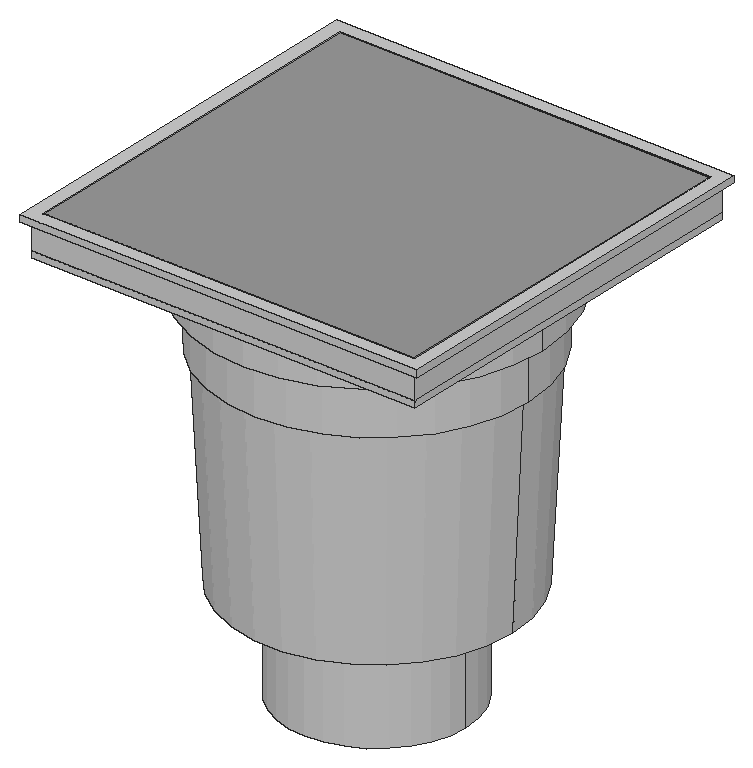
Revit family "HL_Дворовый трап серии Perfekt_HL606SW", category Instalační zařizovací předměty, Revit 2016
Family settings
  Typ součásti = Normální
  Kóta kulaté spojky = Použít průměr
  Číslo OmniClass = 23.70.50.21.24.14
  Nadpis OmniClass = Deck Waste Water Drains
  Založené na pracovní rovině = Ne
  Vždy vertikální = Ano
  Ořezat dutým tvarem při načtení = Ne
  Sdílené = Ne
  Bod výpočtu místnosti = Ano
Parameters (values of type "HL_Дворовый трап серии Perfekt_HL606SW_1")
  РЕШЁТКА = "Edelstahl 226 x 226 mm"
  РАЗМЕР = "DN110"
  ПРОПУСКНАЯ СПОСОБНОСТЬ [instance] = 0.0 L/s
  ПРОИЗВОДИТЕЛЬНОСТЬ = "2,1 l/s"
  ПРАВОВАЯ ИНФОРМАЦИЯ = "\"Авторские права(©), права на дизайн или какие либо другие права интелектуальной собственности являются исключительной собственностью компании HL Hutterer & Lechner. Изменению не подлежит. Файл семейства с данными о прозводителе изделия защищен паролем с водяным знаком.\""
  НОМИНАЛЬНЫЙ ДИАМЕТР = 110 mm
  НАСАДКА = "244 x 244 mm"
  МАТЕРИАЛ = "PP"
  МАКСИМАЛЬНАЯ НАГРУЗКА КЛАССА = "L - 1,5 t"
  ВЫСОТА МОНТАЖА = "213 mm"
  ВЕС = "2,755 kg"
  Výrobce = "HL Hutterer & Lechner GmbH"
  URL = "http://www.hutterer-lechner.com/ru/products/catalog/roof-drains/HL606SW/1.aspx"
  Материал плитка [instance] = none
  Připojení ventilace = no
  Připojení odpadu = yes
  Připojení HW = no
  Připojení CW = no
  Popis = "Дворовый трап серии Perfekt DN110 вертикальный"
  Model = "HL606SW/1"
  Assembly Code = " "
  Komentáře k typům = "Дворовый трап серии Perfekt DN110 вертикальный 244х244мм ПП/226х226мм нержавеющая сталь с водяным затвором."
  Keynote = "HL606SW/1"
  IH [instance] = Высота монтажа 1 + Высота монтажа 2  # 0 mm
  Высота монтажа 2 [instance] = 0 mm
  Высота монтажа 1 [instance] = 0 mm
  G [instance] = 180.00°  # constant formula
  EAN = "9003076011216"
  D [instance] = IH + 174 mm  # 174 mm
  C [instance] = if(IH - 68 mm < 0 mm, 0 mm, IH - 68 mm)  # 0 mm
  B [instance] = 100 mm
  A [instance] = if(B - 100 mm > 15 mm, B - 100 mm, 15 mm)  # 15 mm
Types (3, lengths in mm): name | РАЗМЕР | НОМИНАЛЬНЫЙ ДИАМЕТР | ВЕС | URL | Popis | Model | Komentáře k typům | Keynote | EAN
  (no name) | "DN110" | 110 | "2,755 kg" | "http://www.hutterer-lechner.com/ru/products/catalog/roof-drains/HL606SW/1.aspx" | "Дворовый трап серии Perfekt DN110 вертикальный" | "HL606SW/1" | "Дворовый трап серии Perfekt DN110 вертикальный 244х244мм ПП/226х226мм нержавеющая сталь с водяным затвором." | "HL606SW/1" | "9003076011216"
  HL_Дворовый трап серии Perfekt_HL606SW_1 | "DN110" | 110 | "2,755 kg" | "http://www.hutterer-lechner.com/ru/products/catalog/roof-drains/HL606SW/1.aspx" | "Дворовый трап серии Perfekt DN110 вертикальный" | "HL606SW/1" | "Дворовый трап серии Perfekt DN110 вертикальный 244х244мм ПП/226х226мм нержавеющая сталь с водяным затвором." | "HL606SW/1" | "9003076011216"
  HL_Дворовый трап серии Perfekt_HL606SW_5 | "DN160" | 160 | "2,761 kg" | "http://www.hutterer-lechner.com/ru/products/catalog/roof-drains/HL606SW/5.aspx" | "Дворовый трап серии Perfekt DN160 вертикальный" | "HL606SW/5" | "Дворовый трап серии Perfekt DN160 вертикальный 244х244мм ПП/226х226мм нержавеющая сталь с водяным затвором." | "HL606SW/5" | "9003076011230"
Reference planes
  plane 1 "Center (Front/Back)": y = 0
  plane 2: z = 0
  plane 3 "Center (Left/Right)": x = 0
  plane 4: z = -100
  plane 5: z = 0
  plane 6: z = 0
Lines and regions (mm)
  model lines, style "InvisibleLines"
    curve 1: line (0, 0, 0) -> (0, 0, 20)
  model lines, style "PlumbingFixtures", detail levels coarse+medium
    curve 2: line (0, 0, -100) -> (0, 0, -85)
    curve 3: line (0, 0, -85) -> (-85, 0, 0)
    curve 4: line (0, 0, -85) -> (85, 0, 0)
    curve 6: line (0, 0, -100) -> (0, 0, -274)
  reference lines, not visible
    curve 5: line (0, 0, -100) -> (0, 0, -274)
  symbolic lines, style "PlumbingFixtures", detail levels coarse+medium
    curve 7: line (-75, 75, 0) -> (75, 75, 0)
    curve 8: line (-75, -75, 0) -> (-75, 75, 0)
    curve 9: line (75, -75, 0) -> (-75, -75, 0)
    curve 10: line (75, 75, 0) -> (75, -75, 0)
    curve 11: line (-75, 75, 0) -> (-145.711, 145.711, 0)
    curve 12: line (75, 75, 0) -> (145.711, 145.711, 0)
    curve 13: line (-75, -75, 0) -> (-145.711, -145.711, 0)
    curve 14: line (75, -75, 0) -> (145.711, -145.711, 0)
  symbolic lines, style "PlumbingFixtures", not visible, detail levels coarse+medium
    curve 15: line (-75, 75, 0) -> (75, 75, 0)
    curve 16: line (-75, -75, 0) -> (-75, 75, 0)
    curve 17: line (75, -75, 0) -> (-75, -75, 0)
    curve 18: line (75, 75, 0) -> (75, -75, 0)
    curve 19: line (-75, 75, 0) -> (-145.711, 145.711, 0)
    curve 20: line (75, 75, 0) -> (145.711, 145.711, 0)
    curve 21: line (-75, -75, 0) -> (-145.711, -145.711, 0)
    curve 22: line (75, -75, 0) -> (145.711, -145.711, 0)
Text (mm)
  text "FLOOR" at (-162.344, 0, -10.979), in view "Слева"
Dimensions and locks
  "B": plane 2 to plane 4
  "IH": plane 2 to plane 5
  "A": curve 4 to plane 4
  "D": curve 5 to curve 5
  "D": curve 6 to curve 6
  "Высота монтажа 1": plane 2 to plane 6
  locked: curve 4 to plane 3 "Center (Left/Right)" (angle 45.00°)
  locked: plane 3 "Center (Left/Right)" to curve 3 (angle 45.00°)
  "G": angle curve 5 to plane 3 "Center (Left/Right)"
  aligned and locked: level to plane 2
  aligned and locked: plane 2 to curve 4
  aligned and locked: plane 2 to curve 3
  aligned and locked: plane 4 to curve 5
  aligned and locked: plane 3 "Center (Left/Right)" to curve 5
  aligned and locked: plane 4 to curve 2
  aligned and locked: plane 3 "Center (Left/Right)" to curve 6
  aligned and locked: plane 4 to curve 6
  aligned and locked: nested 1 to plane 3 "Center (Left/Right)"
  aligned and locked: plane 5 to nested 1
  aligned and locked: plane 3 "Center (Left/Right)" to nested 2
  aligned and locked: plane 2 to nested 2
  aligned and locked: plane 3 "Center (Left/Right)" to nested 3
  aligned and locked: nested 1 to nested 3
  aligned and locked: plane 3 "Center (Left/Right)" to nested 4
  aligned and locked: nested 1 to nested 4
Automatic sketch dimensions
  curve 2 to plane 3 "Center (Left/Right)" = 0 mm
  curve 1 to plane 3 "Center (Left/Right)" = 0 mm
  curve 1 to level = 0 mm
  curve 1 to curve 1 = 20 mm
Nested families
  nested 1: "HL-кровельные воронки - корпус-HL606K" at (0, 0, 0), type "HL-кровельные воронки - корпус-HL606K_1"
  nested 2: "HL-Решетка для сливного отверстия-HL0605.3E" at (0, 0, 0), type "HL-Решетка для сливного отверстия-HL0605.3E"
  nested 3: "HL-Песколовка-HL0606.2E" at (0, 0, -19.999), type "HL-Песколовка-HL0606.2E"
  nested 4: "HL-Вкладыш запахозапирающий-HL0605.2E" at (0, 0, -77), type "HL-Вкладыш запахозапирающий-HL0605.2E"
Connectors
  piping at (0, 0, -274), diameter 110, driven by "ПРОПУСКНАЯ СПОСОБНОСТЬ", driven by "НОМИНАЛЬНЫЙ ДИАМЕТР"
    settings: on curve 5, index 1, connector inside diameter 609.6 mm, connector length 0 mm, flow factor 0, pipe flow 0.0 L/s, pressure drop 0.0 Pa, fitting loss kfactor 0, connector angle 0.00°, fixture units 0, engagement length 0 mm, angle of deflection 0.00°, flow configuration 1, flow direction 2, fitting loss method 0, system type 16, joint type 0, gender type 0, connector reference index -1, connector utility 0, adjustable connector yes, is connector primary yes, connector description ""
Definition of nested family "HL-кровельные воронки - корпус-HL606K"
  Parameters
    РАЗМЕР = ""
    ПРАВОВАЯ ИНФОРМАЦИЯ = ""
    НОМИНАЛЬНЫЙ ДИАМЕТР = 110 mm
    НАСАДКА = ""
    МАТЕРИАЛ = ""
    ВЫСОТА МОНТАЖА = ""
    ВЕС = ""
    Height = 0 mm
    Manufacturer = ""
    URL = ""
    Description = ""
    ND = НОМИНАЛЬНЫЙ ДИАМЕТР / 2  # 55 mm
    Model = ""
    материал = none
    Type Comments = ""
    Keynote = ""
    EAN = ""
    Cost = 0
  Types (3, lengths in mm): name | РАЗМЕР | ПРАВОВАЯ ИНФОРМАЦИЯ | НАСАДКА | МАТЕРИАЛ | ВЫСОТА МОНТАЖА | ВЕС | Manufacturer | URL | Description | Model | Type Comments | Keynote | EAN
    (no name) | "" | "" | "" | "" | "" | "" | "" | "" | "" | "" | "" | "" | ""
    HL-кровельные воронки - корпус-HL606K_1 | "DN110" | "\"Авторские права(©), права на дизайн или какие либо другие права интелектуальной собственности являются исключительной собственностью компании HL Hutterer & Lechner. Изменению не подлежит. Файл семейства с данными о прозводителе изделия защищен паролем с водяным знаком.\"" | "244 x 244 mm" | "PP" | "212 mm" | "0,647 kg" | "HL Hutterer & Lechner GmbH" | "http://www.hutterer-lechner.com/ru/products/catalog/roof-drains/HL606K/1.aspx" | "Дворовый трап серии Perfekt DN110 вертикальный" | "HL606K/1" | "Корпус дворового трапа серии Perfekt DN110 вертикальный 244х244мм ПП" | "HL606K/1" | "9003076012763"
    HL-кровельные воронки - корпус-HL606K_5 | "DN160" | "\"Авторские права(©), права на дизайн или какие либо другие права интелектуальной собственности являются исключительной собственностью компании HL Hutterer & Lechner. Изменению не подлежит. Файл семейства с данными о прозводителе изделия защищен паролем с водяным знаком.\"" | "244 x 244 mm" | "PP" | "212 mm" | "0,668 kg" | "HL Hutterer & Lechner GmbH" | "http://www.hutterer-lechner.com/ru/products/catalog/roof-drains/HL606K/5.aspx" | "Дворовый трап серии Perfekt DN160 вертикальный" | "HL606K/5" | "Корпус дворового трапа серии Perfekt DN160 вертикальный 244х244мм ПП" | "HL606K/5" | "9003076012787"
  Reference planes
    plane 1 "Střed (vpředu/vzadu)": y = 0
    plane 2: z = 0
    plane 3 "Střed (vlevo/vpravo)": x = 0
    plane 4: z = -212
  Forms (mm)
    Revolve 1, solid, material <- "материал", detail levels fine
      sketch origin (0, 0, 0) x (1, 0, 0) y (0, 0, 1)
        loop
          line (0, -212) -> (83.62, -212) -> (90.477, -81.158) -> (93.491, -81.158) -> (93.491, -49.562) -> (102.242, -49.562) -> (102.242, -24) -> (98.5, -24) -> (98.5, -42) -> (89.75, -42) -> (89.75, -77) -> (85.685, -77) -> (79.688, -208) -> (0, -208) -> (0, -212)
        axis (0, -212) -> (0, -24)
      angle from 0 to 360
    Extrusion 2, solid, material <- "материал", detail levels fine
      sketch origin (0, 0, 0) x (1, 0, 0) y (0, 1, 0)
        loop
          line (118, -118) -> (118, 118) -> (-118, 118) -> (-118, -118) -> (118, -118)
        loop
          circle (0, 0) r 102.242
      from -24 to -20
    Extrusion 3, solid, material <- "материал", detail levels fine
      sketch origin (0, 0, -23) x (0, 1, 0) y (-1, 0, 0)
        loop
          line (118, 118) -> (-118, 118) -> (-118, -118) -> (118, -118) -> (118, 118)
        loop
          line (-114, -114) -> (114, -114) -> (114, 114) -> (-114, 114) -> (-114, -114)
      from 0 to 19
    Extrusion 4, solid, material <- "материал", detail levels fine
      sketch origin (0, 0, 0) x (1, 0, 0) y (0, 1, 0)
        loop
          line (-122, 122) -> (-122, -122) -> (122, -122) -> (122, 122) -> (-122, 122)
        loop
          line (114, -114) -> (114, 114) -> (-114, 114) -> (-114, -114) -> (114, -114)
      from -4 to 0
    Revolve 5, solid, material <- "материал", detail levels fine
      sketch origin (0, 0, 0) x (1, 0, 0) y (0, 0, 1)
        loop
          line (0, -274) -> (55, -274) -> (55, -212) -> (0, -212) -> (0, -274)
        axis (0, -212) -> (0, -274)
      angle from 0 to 360
  Dimensions and locks
    locked: plane 2 to plane 4 at 212
    plane 4 to Revolve 5 sketch curve = 62 mm
    "ND": Revolve 5 sketch curve to plane 3 "Střed (vlevo/vpravo)"
    aligned and locked: level to plane 2
    aligned and locked: Revolve 5 sketch curve to plane 4
  Automatic sketch dimensions
    Revolve 1 sketch curve to plane 3 "Střed (vlevo/vpravo)" = 0 mm  (x2)
    Revolve 1 sketch curve to plane 4 = 0 mm
    Revolve 1 sketch curve to level = 0 mm
    plane 4 to Revolve 1 sketch curve = 4 mm
    plane 3 "Střed (vlevo/vpravo)" to Revolve 1 sketch curve = 79.688 mm
    Revolve 1 sketch curve to Revolve 1 sketch curve = 3.931 mm
    plane 3 "Střed (vlevo/vpravo)" to Revolve 1 sketch curve = 85.685 mm
    Revolve 1 sketch curve to Revolve 1 sketch curve = 4.065 mm
    Revolve 1 sketch curve to Revolve 1 sketch curve = 0.727 mm
    Revolve 1 sketch curve to Revolve 1 sketch curve = 3.014 mm
    Revolve 1 sketch curve to Revolve 1 sketch curve = 8.75 mm
    Revolve 1 sketch curve to Revolve 1 sketch curve = 3.742 mm
    Revolve 1 sketch curve to level = 81.158 mm
    Revolve 1 sketch curve to Revolve 1 sketch curve = 4.158 mm
    Revolve 1 sketch curve to Revolve 1 sketch curve = 27.438 mm
    Revolve 1 sketch curve to Revolve 1 sketch curve = 7.562 mm
    Revolve 1 sketch curve to Revolve 1 sketch curve = 18 mm
    level to Revolve 1 sketch curve = 19.057 mm
    plane 1 "Střed (vpředu/vzadu)" to Extrusion 3 sketch curve = 118 mm
    Extrusion 3 sketch curve to Extrusion 3 sketch curve = 4 mm  (x4)
    Extrusion 3 sketch curve to plane 1 "Střed (vpředu/vzadu)" = 114 mm
    plane 3 "Střed (vlevo/vpravo)" to Extrusion 3 sketch curve = 118 mm
    Extrusion 3 sketch curve to plane 3 "Střed (vlevo/vpravo)" = 114 mm
    Extrusion 4 sketch curve to plane 3 "Střed (vlevo/vpravo)" = 122 mm
    Extrusion 4 sketch curve to Extrusion 4 sketch curve = 8 mm  (x4)
    plane 3 "Střed (vlevo/vpravo)" to Extrusion 4 sketch curve = 114 mm
    plane 1 "Střed (vpředu/vzadu)" to Extrusion 4 sketch curve = 122 mm
    Extrusion 4 sketch curve to plane 1 "Střed (vpředu/vzadu)" = 114 mm
    plane 1 "Střed (vpředu/vzadu)" to Extrusion 2 sketch curve = 0 mm
    Extrusion 2 sketch curve to plane 3 "Střed (vlevo/vpravo)" = 0 mm
    Extrusion 2 sketch curve to plane 3 "Střed (vlevo/vpravo)" = 118 mm
    plane 3 "Střed (vlevo/vpravo)" to Extrusion 2 sketch curve = 118 mm
    plane 1 "Střed (vpředu/vzadu)" to Extrusion 2 sketch curve = 118 mm
    Extrusion 2 sketch curve to plane 1 "Střed (vpředu/vzadu)" = 118 mm
    Revolve 5 sketch curve to plane 3 "Střed (vlevo/vpravo)" = 0 mm  (x2)
    Revolve 5 sketch curve to Revolve 5 sketch curve = 26 mm
    Revolve 5 sketch curve to Revolve 5 sketch curve = 105 mm
    radius of Extrusion 2 sketch curve = 102.242 mm
Definition of nested family "HL-Решетка для сливного отверстия-HL0605.3E"
  Parameters
    ПРАВОВАЯ ИНФОРМАЦИЯ = ""
    МАТЕРИАЛ = ""
    МАКСИМАЛЬНАЯ НАГРУЗКА КЛАССА = ""
    ВЕС = ""
    Manufacturer = ""
    URL = ""
    Description = ""
    Model = ""
    материал 2 = none
    материал = none
    Type Comments = ""
    Keynote = ""
    EAN = ""
    Cost = 0
  Types (2, lengths in mm): name | ПРАВОВАЯ ИНФОРМАЦИЯ | МАТЕРИАЛ | МАКСИМАЛЬНАЯ НАГРУЗКА КЛАССА | ВЕС | Manufacturer | URL | Description | Model | Type Comments | Keynote | EAN
    (no name) | "" | "" | "" | "" | "" | "" | "" | "" | "" | "" | ""
    HL-Решетка для сливного отверстия-HL0605.3E | "\"Авторские права(©), права на дизайн или какие либо другие права интелектуальной собственности являются исключительной собственностью компании HL Hutterer & Lechner. Изменению не подлежит. Файл семейства с данными о прозводителе изделия защищен паролем с водяным знаком.\"" | "Edelstahl" | "A - 1,5 t (aussen)" | "1,82 kg" | "HL Hutterer & Lechner GmbH" | "http://www.hutterer-lechner.com/ru/products/catalog/roof-drains/HL0605.3E.aspx" | "Решетка для сливного отверстия" | "HL0605.3E" | "Решетка для сливного отверстия нержавеющая сталь 226х226мм с промежуточной деталью" | "HL0605.3E" | "9003076010752"
  Reference planes
    plane 1 "Střed (vpředu/vzadu)": y = 0
    plane 2: z = 0
    plane 3 "Střed (vlevo/vpravo)": x = 0
  Forms (mm)
    Extrusion 1, solid, material <- "материал 2", detail levels fine
      sketch origin (0, 0, 0) x (1, 0, 0) y (0, 1, 0)
        loop
          line (-113.2, 113.5) -> (-113.2, -113.5) -> (113.8, -113.5) -> (113.8, 113.5) -> (-113.2, 113.5)
      from -5 to 0
    Extrusion 2, solid, material <- "материал 2", detail levels fine
      sketch origin (0, 0, 0) x (1, 0, 0) y (0, 1, 0)
        loop
          line (112.8, -112.5) -> (112.8, 112.5) -> (-112.2, 112.5) -> (-112.2, -112.5) -> (112.8, -112.5)
        loop
          circle (0, 0) r 101.037
      from -5 to -20
  Cuts and joins
    joined: Extrusion 1, Extrusion 2
  Lines and regions (mm)
    model lines, detail levels fine
      curve 1: line (81.617, 45.962, 0) -> (46.262, 10.607, 0)
      curve 2: line (35.655, 21.213, 0) -> (71.011, 56.569, 0)
      curve 3: line (56.869, 70.711, 0) -> (21.513, 35.355, 0)
      curve 4: line (10.907, 45.962, 0) -> (46.262, 81.317, 0)
      curve 5: line (7.8, 88, 0) -> (7.8, 72, 0)
      curve 6: line (-7.2, 72, 0) -> (-7.2, 88, 0)
      curve 7: arc (7.8, 88, 0) -> (0.3, 95.5, 0) -> (-7.2, 88, 0) r 7.5
      curve 8: arc (7.8, 72, 0) -> (0.3, 64.5, 0) -> (-7.2, 72, 0) r 7.5
      curve 9: arc (56.869, 70.711, 0) -> (56.869, 81.317, 0) -> (46.262, 81.317, 0) r 7.5
      curve 10: arc (81.617, 45.962, 0) -> (81.617, 56.569, 0) -> (71.011, 56.569, 0) r 7.5
      curve 11: arc (46.262, 10.607, 0) -> (35.655, 10.607, 0) -> (35.655, 21.213, 0) r 7.5
      curve 12: arc (21.513, 35.355, 0) -> (10.907, 35.355, 0) -> (10.907, 45.962, 0) r 7.5
      curve 13: line (81.617, -45.962, 0) -> (46.262, -10.607, 0)
      curve 14: line (35.655, -21.213, 0) -> (71.011, -56.569, 0)
      curve 15: line (56.869, -70.711, 0) -> (21.513, -35.355, 0)
      curve 16: line (10.907, -45.962, 0) -> (46.262, -81.317, 0)
      curve 17: arc (56.869, -70.711, 0) -> (56.869, -81.317, 0) -> (46.262, -81.317, 0) r 7.5
      curve 18: arc (81.617, -45.962, 0) -> (81.617, -56.569, 0) -> (71.011, -56.569, 0) r 7.5
      curve 19: arc (46.262, -10.607, 0) -> (35.655, -10.607, 0) -> (35.655, -21.213, 0) r 7.5
      curve 20: arc (21.513, -35.355, 0) -> (10.907, -35.355, 0) -> (10.907, -45.962, 0) r 7.5
      curve 21: line (-81.617, 45.962, 0) -> (-46.262, 10.607, 0)
      curve 22: line (-35.655, 21.213, 0) -> (-71.011, 56.569, 0)
      curve 23: line (-56.869, 70.711, 0) -> (-21.513, 35.355, 0)
      curve 24: line (-10.907, 45.962, 0) -> (-46.262, 81.317, 0)
      curve 25: arc (-56.869, 70.711, 0) -> (-56.869, 81.317, 0) -> (-46.262, 81.317, 0) r 7.5
      curve 26: arc (-81.617, 45.962, 0) -> (-81.617, 56.569, 0) -> (-71.011, 56.569, 0) r 7.5
      curve 27: arc (-46.262, 10.607, 0) -> (-35.655, 10.607, 0) -> (-35.655, 21.213, 0) r 7.5
      curve 28: arc (-21.513, 35.355, 0) -> (-10.907, 35.355, 0) -> (-10.907, 45.962, 0) r 7.5
      curve 29: line (-81.617, -45.962, 0) -> (-46.262, -10.607, 0)
      curve 30: line (-35.655, -21.213, 0) -> (-71.011, -56.569, 0)
      curve 31: line (-56.869, -70.711, 0) -> (-21.513, -35.355, 0)
      curve 32: line (-10.907, -45.962, 0) -> (-46.262, -81.317, 0)
      curve 33: arc (-56.869, -70.711, 0) -> (-56.869, -81.317, 0) -> (-46.262, -81.317, 0) r 7.5
      curve 34: arc (-81.617, -45.962, 0) -> (-81.617, -56.569, 0) -> (-71.011, -56.569, 0) r 7.5
      curve 35: arc (-46.262, -10.607, 0) -> (-35.655, -10.607, 0) -> (-35.655, -21.213, 0) r 7.5
      curve 36: arc (-21.513, -35.355, 0) -> (-10.907, -35.355, 0) -> (-10.907, -45.962, 0) r 7.5
      curve 37: line (88, 7.8, 0) -> (72, 7.8, 0)
      curve 38: line (72, -7.2, 0) -> (88, -7.2, 0)
      curve 39: arc (88, 7.8, 0) -> (95.5, 0.3, 0) -> (88, -7.2, 0) r 7.5
      curve 40: arc (72, 7.8, 0) -> (64.5, 0.3, 0) -> (72, -7.2, 0) r 7.5
      curve 41: line (-88, 7.8, 0) -> (-72, 7.8, 0)
      curve 42: line (-72, -7.2, 0) -> (-88, -7.2, 0)
      curve 43: arc (-88, 7.8, 0) -> (-95.5, 0.3, 0) -> (-88, -7.2, 0) r 7.5
      curve 44: arc (-72, 7.8, 0) -> (-64.5, 0.3, 0) -> (-72, -7.2, 0) r 7.5
      curve 45: line (7.8, -88, 0) -> (7.8, -72, 0)
      curve 46: line (-7.2, -72, 0) -> (-7.2, -88, 0)
      curve 47: arc (7.8, -88, 0) -> (0.3, -95.5, 0) -> (-7.2, -88, 0) r 7.5
      curve 48: arc (7.8, -72, 0) -> (0.3, -64.5, 0) -> (-7.2, -72, 0) r 7.5
  Dimensions and locks
    aligned and locked: level to plane 2
Definition of nested family "HL-Песколовка-HL0606.2E"
  Parameters (values of type "HL-Песколовка-HL0606.2E")
    ПРАВОВАЯ ИНФОРМАЦИЯ = "\"Авторские права(©), права на дизайн или какие либо другие права интелектуальной собственности являются исключительной собственностью компании HL Hutterer & Lechner. Изменению не подлежит. Файл семейства с данными о прозводителе изделия защищен паролем с водяным знаком.\""
    МАТЕРИАЛ = "PP"
    ВЕС = "0,09 kg"
    Manufacturer = "HL Hutterer & Lechner GmbH"
    URL = "http://www.hutterer-lechner.com/ru/products/catalog/roof-drains/HL0606.2E.aspx"
    Description = "Песколовка"
    Model = "HL0606.2E"
    материал = none
    Type Comments = "Песколовка"
    Keynote = "HL0606.2E"
    EAN = "9003076060627"
    Cost = 0
  Values of the unnamed type that differ from the named types
    ПРАВОВАЯ ИНФОРМАЦИЯ = ""
    МАТЕРИАЛ = ""
    ВЕС = ""
    Manufacturer = ""
    URL = ""
    Description = ""
    Model = ""
    Type Comments = ""
    Keynote = ""
    EAN = ""
  Reference planes
    plane 1 "Střed (vpředu/vzadu)": y = 0
    plane 2: z = 0
    plane 3 "Střed (vlevo/vpravo)": x = 0
  Forms (mm)
    Revolve 1, solid, material <- "материал", detail levels fine
      sketch origin (0, 0, 0) x (1, 0, 0) y (0, 0, 1)
        loop
          line (0, -55.952) -> (0, -58.018) -> (57.601, -56.006)
          arc (57.601, -56.006) -> (65.932, -53.053) -> (69.532, -44.98) r 11.208
          line (69.532, -44.98) -> (72.482, -41.586) -> (75.031, -12.448) -> (75.865, -6.515)
          arc (75.865, -6.515) -> (76.428, -5.156) -> (77.786, -4.594) r 1.921
          line (77.786, -4.594) -> (95.979, -3.002) -> (95.979, -0.001) -> (73.246, -1.99) -> (69.436, -41.391) -> (67.501, -43.326)
          arc (67.501, -43.326) -> (65.111, -51.02) -> (57.603, -53.94) r 9.273
          line (57.603, -53.94) -> (0, -55.952)
        axis (0, -58.018) -> (0, -0.001)
      angle from 0 to 360
  Dimensions and locks
    aligned and locked: level to plane 2
Definition of nested family "HL-Вкладыш запахозапирающий-HL0605.2E"
  Parameters
    ПРАВОВАЯ ИНФОРМАЦИЯ = ""
    МАТЕРИАЛ = ""
    ВЕС = ""
    Manufacturer = ""
    URL = ""
    Description = ""
    Model = ""
    материал 2 = none
    материал = none
    Type Comments = ""
    Keynote = ""
    EAN = ""
    Cost = 0
  Types (2, lengths in mm): name | ПРАВОВАЯ ИНФОРМАЦИЯ | МАТЕРИАЛ | ВЕС | Manufacturer | URL | Description | Model | Type Comments | Keynote | EAN
    (no name) | "" | "" | "" | "" | "" | "" | "" | "" | "" | ""
    HL-Вкладыш запахозапирающий-HL0605.2E | "\"Авторские права(©), права на дизайн или какие либо другие права интелектуальной собственности являются исключительной собственностью компании HL Hutterer & Lechner. Изменению не подлежит. Файл семейства с данными о прозводителе изделия защищен паролем с водяным знаком.\"" | "PP" | "0,192 kg" | "HL Hutterer & Lechner GmbH" | "http://www.hutterer-lechner.com/ru/products/catalog/roof-drains/HL0605.2E.aspx" | "Вкладыш запахозапирающий" | "HL0605.2E" | "Вкладыш водяного затвора комплектный" | "HL0605.2E" | "9003076009725"
  Reference planes
    plane 1 "Střed (vpředu/vzadu)": y = 0
    plane 2: z = 0
    plane 3 "Střed (vlevo/vpravo)": x = 0
  Forms (mm)
    Revolve 1, solid, material <- "материал 2", detail levels fine
      sketch origin (0, 0, 0) x (1, 0, 0) y (0, 0, 1)
        loop
          line (88, -3) -> (88, 0) -> (82.921, 0) -> (82.921, -1.338) -> (78.867, -6.169) -> (78.867, -19.629) -> (76.315, -48.796)
          arc (76.315, -48.796) -> (75.558, -51.125) -> (73.796, -52.827) r 5.066
          line (73.796, -52.827) -> (58.029, -61.938) -> (58.029, -93.034) -> (53.399, -98) -> (41.859, -98) -> (41.859, -83.043) -> (45.35, -83.043) -> (45.35, -33) -> (29.878, -33) -> (29.878, -100) -> (52.94, -100)
          arc (52.94, -100) -> (57.932, -97.932) -> (60, -92.939) r 7.061
          line (60, -92.939) -> (60, -65.894)
          arc (60, -65.894) -> (60.671, -63.394) -> (62.5, -61.564) r 5.003
          line (62.5, -61.564) -> (74.706, -54.511)
          arc (74.706, -54.511) -> (77.106, -52.212) -> (78.174, -49.065) r 6.994
          line (78.174, -49.065) -> (81.088, -15.754) -> (83.996, -15.499) -> (83.996, -12.378)
          arc (83.996, -12.378) -> (85.775, -10) -> (83.996, -7.623) r 2.478
          line (83.996, -7.623) -> (83.996, -3) -> (88, -3)
        axis (0, 0) -> (0, -100)
      angle from 0 to 360
    Revolve 2, solid, material <- "материал", detail levels fine
      sketch origin (0, 0, 0) x (1, 0, 0) y (0, 0, 1)
        loop
          line (47.229, -83.043) -> (47.229, -28.043)
          arc (47.229, -28.043) -> (43.63, -19.353) -> (34.94, -15.754) r 12.289
          line (34.94, -15.754) -> (0, -15.754) -> (0, -48.796) -> (45.35, -48.796) -> (45.35, -83.043) -> (47.229, -83.043)
        axis (0, -83.043) -> (0, -15.754)
      angle from 0 to 360
  Dimensions and locks
    aligned and locked: level to plane 2
